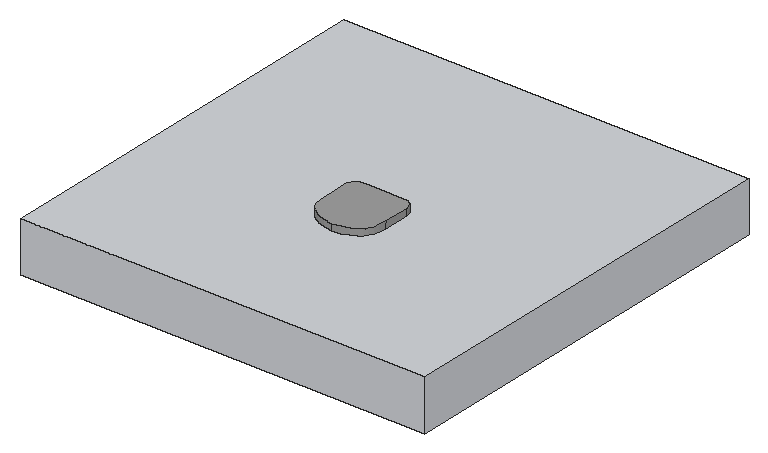
Revit family "ISI_IdealStandard_WCSeats_Tempo_ShortProjection", category Plumbing Fixtures, host Face, Revit 2012
Parameters (values of type "T679901 - Tempo Seat and Cover for short projection T3287 bowl - slow close")
  WaterEfficientProduct = no
  WarrantyStartDate [instance] = "1900-12-31-T23:59:59"
  WarrantyGuarantorParts = "Productinfo@thebluebook.co.uk"
  WarrantyGuarantorLabor = "n/a"
  WarrantyDurationUnit = "year"
  WarrantyDurationParts = "5"
  WarrantyDurationLabor = "n/a"
  WarrantyDescription = "Manufacturers Warranty"
  WRAS = no
  WFU = 0
  VolumeUnits = "Litres"
  Version = "2"
  Uniclass2 = "Pr_40_20_93_95"
  URL = "www.idealspec.co.uk"
  Type Comments = "n/a"
  TagNumber [instance] = "n/a"
  SustainabilityPerformance = "n/a"
  SpareParts = "www.fastpart-spares.co.uk"
  Space = "Internal"
  Size = "371 x 395 x 40 mm"
  Shape = "Soft Square"
  SerialNumber [instance] = "n/a"
  SeatType = "RingSeat"
  SeatSKU = ISI_IdealStandard_WC_PlasticWhite_Render
  SeatMaterial = "Plastic"
  SeatHasCover = yes
  SeatColor = "White"
  Revision = "n/a"
  ReplacementCost = "n/a"
  ProductInformation = "www.idealspec.co.uk/assets/datasheet/T328701"
  Phone = "01482 346461"
  NominalWidth = 371.168 mm
  NominalLength = 395.44 mm
  NominalHeight = 40 mm
  NominalDepth = NominalLength  # 395.44 mm
  NettWeight = "2.70 Kg"
  Name = "WCSeats_Tempo-AllVariants_IdealStandard"
  NBSTypeID = "n/a"
  NBSReference = "45-35-70/391"
  NBSOfficeMasterTag = "n/a"
  NBSNote = "n/a"
  NBSDescription = "WC seats and covers"
  NBSCertification = "n/a"
  ModelReference = "n/a"
  ModelNumber = "T679901"
  Model = "T679901"
  Material = "Vitreous China"
  ManufacturerURL = "www.idealspec.co.uk"
  Manufacturer = "Productinfo@thebluebook.co.uk"
  LinearUnits = "millimeters"
  Keynote = ""
  InstallationInstructions = "www.idealspec.co.uk/resources.html"
  InstallationDate [instance] = "1900-12-31-T23:59:59"
  IfcExportType = "TOILETPAN"
  IfcExportAs = "IfcSanitaryTerminalType"
  Help = "www.idealspec.co.uk/contact-us.html"
  HWFU = 0
  GrossWeight = "n/a"
  Grade = "n/a"
  Finish = Color  # "White"
  Features = "Slow close"
  ExpectedLife = "15"
  ECA = no
  DurationUnit = "year"
  DistributedBy = "n/a"
  Description = "n/a"
  Default Elevation = 1219.2 mm
  CurrencyUnit = "n/a"
  CreatedOn = "2014-10-21"
  Cost = 0
  Constituents = "n/a"
  ConnectionType = "Plumbing"
  Color = "White"
  CodePerformance = "n/a"
  Category = "n/a"
  CWFU = 0
  Brand = "Ideal Standard"
  BarCode [instance] = "8014140413578"
  BIMObjectName = "ISI_IdealStandard_WCSeats_Tempo_T6799"
  Author = "Ideal Standard (UK) Ltd"
  AssetType = "Fixed"
  AssetIdentifier [instance] = "n/a"
  AreaUnits = "millimeters"
  AreaMeasurement = "n/a"
  Accessories = "www.idealspec.co.uk"
  AccessibilityPerformance = "n/a"
Types (2, lengths in mm): name | Size | ModelNumber | Model | Material | Keynote | IfcExportType | Features | BarCode | BIMObjectName
  T679801 - Tempo Seat and Cover for short projection T3287 bow - standard close | "395 x 370 x 40 mm" | "T679801" | "T679801" | "Plastic" | "n/a" | "WCSEAT" | "Standard close" | "n/a" | "ISI_IdealStandard_WCSeats_Tempo_T6798"
  T679901 - Tempo Seat and Cover for short projection T3287 bowl - slow close | "371 x 395 x 40 mm" | "T679901" | "T679901" | "Vitreous China" | "" | "TOILETPAN" | "Slow close" | "8014140413578" | "ISI_IdealStandard_WCSeats_Tempo_T6799"
Reference planes
  plane 1 "Center (Front/Back)": y = 0
  plane 2: z = 0
  plane 3 "Center (Left/Right)": x = 0
  plane 4: z = 40
Forms (mm)
  Extrusion 1, solid
    sketch origin (0, 0, 0) x (1, 0, 0) y (0, 1, 0)
      loop
        line (-1219.2, 1219.2) -> (-1219.2, -1219.2) -> (1219.2, -1219.2) -> (1219.2, 1219.2) -> (-1219.2, 1219.2)
    from 0 to -304.8
  Extrusion 2, solid, material "ISI_IdealStandard_WC_PlasticWhite_Render" <- "SeatSKU", detail levels medium+fine
    sketch origin (0, 0, 0) x (1, 0, 0) y (0, 1, 0)
      loop
        line (0, 0) -> (-113.744, 0)
        spline (-113.744, 0) -> (-125.543, -0.627) -> (-136.252, -2.359) -> (-145.879, -5.112) -> (-154.427, -8.8) -> (-161.903, -13.338) -> (-168.313, -18.639) -> (-173.662, -24.623) -> (-177.973, -31.24) -> (-181.275, -38.458) -> (-183.597, -46.248) -> (-184.969, -54.579) -> (-185.419, -63.419)
        spline (-185.419, -63.419) -> (-185.628, -76.465) -> (-185.799, -89.465) -> (-185.931, -102.425) -> (-186.026, -115.353) -> (-186.082, -128.254) -> (-186.1, -141.136) -> (-186.081, -154.007) -> (-186.023, -166.872) -> (-185.929, -179.738) -> (-185.796, -192.614) -> (-185.626, -205.505) -> (-185.419, -218.419)
        spline (-185.419, -218.419) -> (-183.972, -252.041) -> (-179.658, -280.06) -> (-172.521, -303.278) -> (-162.606, -322.495) -> (-149.957, -338.514) -> (-134.616, -352.134) -> (-116.645, -364.11) -> (-96.318, -374.581) -> (-74.062, -383.252) -> (-50.304, -389.821) -> (-25.474, -393.985) -> (0, -395.44)
        spline (0, -395.44) -> (25.474, -393.985) -> (50.304, -389.821) -> (74.062, -383.252) -> (96.318, -374.581) -> (116.645, -364.11) -> (134.616, -352.134) -> (149.957, -338.514) -> (162.606, -322.495) -> (172.521, -303.278) -> (179.658, -280.06) -> (183.972, -252.041) -> (185.419, -218.419)
        spline (185.419, -218.419) -> (185.626, -205.505) -> (185.796, -192.614) -> (185.929, -179.738) -> (186.023, -166.872) -> (186.081, -154.007) -> (186.1, -141.136) -> (186.082, -128.254) -> (186.026, -115.353) -> (185.931, -102.425) -> (185.799, -89.465) -> (185.628, -76.465) -> (185.419, -63.419)
        spline (185.419, -63.419) -> (184.969, -54.579) -> (183.597, -46.248) -> (181.275, -38.458) -> (177.973, -31.24) -> (173.662, -24.623) -> (168.313, -18.639) -> (161.903, -13.338) -> (154.427, -8.8) -> (145.879, -5.112) -> (136.252, -2.359) -> (125.543, -0.627) -> (113.744, 0)
        line (113.744, 0) -> (0, 0)
    from 0 to 40
Dimensions and locks
  "NominalLength": Extrusion 2 to Extrusion 2
  "NominalWidth": import instance to import instance
  "NominalHeight": plane 4 to Extrusion 1
  aligned and locked: plane 2 to Extrusion 1
  aligned and locked: level to Extrusion 1
  aligned and locked: plane 1 "Center (Front/Back)" to import instance
  aligned and locked: plane 3 "Center (Left/Right)" to import instance
  aligned and locked: Extrusion 2 to level
Automatic sketch dimensions
  Extrusion 1 sketch curve to Extrusion 1 sketch curve = 2438.4 mm  (x2)
  plane 1 "Center (Front/Back)" to Extrusion 2 sketch curve = 0 mm
  Extrusion 2 sketch curve to plane 3 "Center (Left/Right)" = 0 mm  (x2)
  Extrusion 2 sketch curve to Extrusion 2 sketch curve = 113.744 mm
  Extrusion 2 sketch curve to plane 3 "Center (Left/Right)" = 185.419 mm
  plane 3 "Center (Left/Right)" to Extrusion 2 sketch curve = 113.744 mm
  plane 3 "Center (Left/Right)" to Extrusion 2 sketch curve = 185.419 mm
  plane 1 "Center (Front/Back)" to Extrusion 2 sketch curve = 63.419 mm  (x2)
  Extrusion 2 sketch curve to Extrusion 2 sketch curve = 155 mm  (x2)
  Extrusion 2 sketch curve to Extrusion 2 sketch curve = 177.021 mm
